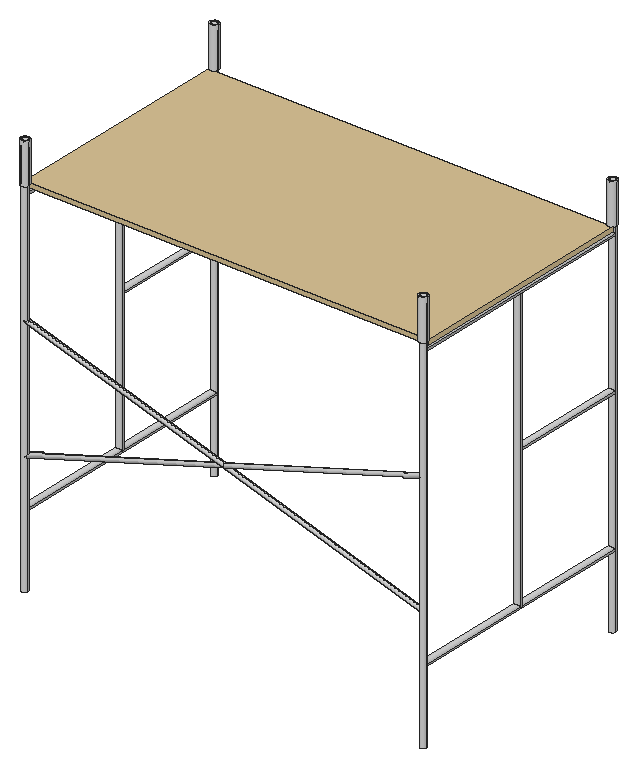
Revit family "M_Andaime", category Terreno, Revit 2019
Family settings
  Cota do conector redondo = Utilizar diâmetro
  Tipo de parte = Normal
  ID de item do Seek = Scaffolding-0000-CAN-ENU
  Com base no plano de trabalho = Não
  Sempre na vertical = Sim
  Corte com vazios quando carregada = Não
  Compartilhado = Não
Parameters (values of type "2500 x 2250 x 2500mm")
  Altura = 2500 mm
  Comprimento = 2500 mm
  Altura da plataforma = 2250 mm
  Largura = 1500 mm
Reference planes
  plane 1 "Centro (Frente/Trás)": y = 0
  plane 2: z = 0
  plane 3 "Centro (Esquerda/Direita)": x = 0
  plane 4: x = -1250
  plane 5: x = 1250
  plane 6: y = 750
  plane 7: y = -750
  plane 8: y = 730.95
  plane 9 "Exterior": y = -730.95
  plane 10: x = -1230.95
  plane 11: x = 1230.95
  plane 12: z = 2500
  plane 13: z = 2250
  plane 14: z = 457.2
  plane 15: z = 2205.55
  plane 16: z = 1331.375
  plane 17: z = 2224.6
  plane 18: y = 711.9
  plane 19: y = -711.9
  plane 20: z = 1500
  plane 21: z = 750
Forms (mm)
  Extrusion 1, solid, material "Aço"
    sketch origin (0, 0, 0) x (1, 0, 0) y (0, 1, 0)
      loop
        circle (-1230.95, -730.95) r 19.05
      loop
        circle (-1230.95, 730.95) r 19.05
    from 0 to 2500
  Extrusion 2, solid, material "Aço"
    sketch origin (0, 0, 0) x (1, 0, 0) y (0, 0, 1)
      loop
        circle (-1230.95, 2205.55) r 19.05
      loop
        circle (-1230.95, 457.2) r 19.05
    from -730.95 to 730.95
  Extrusion 3, solid, material "Aço"
    sketch origin (0, 0, 0) x (1, 0, 0) y (0, 1, 0)
      loop
        circle (-1230.95, 0) r 19.05
    from 457.2 to 2205.55
  Extrusion 4, solid, material "Aço"
    sketch origin (0, 0, 0) x (1, 0, 0) y (0, 0, 1)
      loop
        circle (-1230.95, 1331.375) r 19.05
    from -730.95 to 0
  Extrusion 5, solid, material "Aço"
    sketch origin (0, 0, 0) x (1, 0, 0) y (0, 1, 0)
      loop
        circle (1230.95, -730.95) r 19.05
      loop
        circle (1230.95, 730.95) r 19.05
    from 0 to 2500
  Extrusion 6, solid, material "Aço"
    sketch origin (0, 0, 0) x (1, 0, 0) y (0, 0, 1)
      loop
        circle (1230.95, 2205.55) r 19.05
      loop
        circle (1230.95, 457.2) r 19.05
    from -730.95 to 730.95
  Extrusion 7, solid, material "Aço"
    sketch origin (0, 0, 0) x (1, 0, 0) y (0, 0, 1)
      loop
        circle (1230.95, 1331.375) r 19.05
    from -730.95 to 0
  Extrusion 8, solid, material "Aço"
    sketch origin (0, 0, 0) x (1, 0, 0) y (0, 1, 0)
      loop
        circle (1230.95, 0) r 19.05
    from 457.2 to 2205.55
  Extrusion 9, solid, material "Compensado, Revestimento"
    sketch origin (0, 0, 0) x (1, 0, 0) y (0, 1, 0)
      loop
        line (-1250, 711.9) -> (-1250, -711.9) -> (1250, -711.9) -> (1250, 711.9) -> (-1250, 711.9)
    from 2224.6 to 2250
  Sweep 10, solid, material "Aço"
    path in 3D
      loop
        line (-1230.95, -730.95, 1500) -> (1230.95, -730.95, 750)
    profile origin (-313.617, -730.95, 95.541) x (-0.29142, 0, -0.956595) y (0, 1, 0)
      loop
        circle (-1076.17, 0) r 12.7
  Sweep 11, solid, material "Aço"
    path in 3D
      loop
        line (-1230.95, -730.95, 750) -> (1230.95, -730.95, 1500)
    profile origin (313.617, -730.95, 95.541) x (0.29142, 0, -0.956595) y (0, 1, 0)
      loop
        circle (-1076.17, 0) r 12.7
  Extrusion 12, solid, material "Aço"
    sketch origin (0, 0, 0) x (1, 0, 0) y (0, 1, 0)
      loop
        circle (1230.95, -730.95) r 25.4
      loop
        circle (1230.95, -730.95) r 19.05
      loop
        circle (1230.95, 730.95) r 19.05
      loop
        circle (1230.95, 730.95) r 25.4
      loop
        circle (-1230.95, 730.95) r 19.05
      loop
        circle (-1230.95, 730.95) r 25.4
      loop
        circle (-1230.95, -730.95) r 19.05
      loop
        circle (-1230.95, -730.95) r 25.4
    from 2250 to 2500
Lines and regions (mm)
  symbolic lines, style "Logística"
    curve 1: line (-1250, 711.9, 0) -> (1250, 711.9, 0)
    curve 2: line (-1250, -711.9, 0) -> (-1250, 711.9, 0)
    curve 3: line (1250, -711.9, 0) -> (-1250, -711.9, 0)
    curve 4: line (1250, 711.9, 0) -> (1250, -711.9, 0)
  model lines, style "Logística"
    curve 5: line (-1230.95, -730.95, 1500) -> (1230.95, -730.95, 750)
    curve 6: line (-1230.95, -730.95, 750) -> (1230.95, -730.95, 1500)
  sketch lines
    curve 7: line (-1230.95, -730.95, 1500) -> (1230.95, -730.95, 750)
    curve 8: line (-1230.95, -730.95, 750) -> (1230.95, -730.95, 1500)
Dimensions and locks
  "Comprimento": plane 4 to plane 5
  equal spacing: plane 4, plane 3 "Centro (Esquerda/Direita)", plane 5
  equal spacing: plane 7, plane 1 "Centro (Frente/Trás)", plane 6
  "Largura": plane 7 to plane 6
  plane 4 to plane 10 = 19.05 mm
  plane 11 to plane 5 = 19.05 mm
  plane 6 to plane 8 = 19.05 mm
  plane 9 "Exterior" to plane 7 = 19.05 mm
  "Altura": plane 12 to plane 2
  "Altura da plataforma": plane 13 to plane 2
  plane 14 to plane 2 = 457.2 mm
  locked: plane 13 to plane 15 at 44.45
  equal spacing: plane 15, plane 16, plane 14
  plane 13 to plane 17 = 25.4 mm
  locked: plane 18 to plane 6 at 38.1
  locked: plane 7 to plane 19 at 38.1
  equal spacing: plane 13, plane 20, plane 21, plane 2
  locked: plane 9 "Exterior" to Sweep 11 sketch curve
  locked: plane 9 "Exterior" to Sweep 10 sketch curve
  radius of Sweep 11 sketch curve = 12.7 mm
  radius of Sweep 10 sketch curve = 12.7 mm
  aligned and locked: Extrusion 1 to plane 12
  aligned and locked: plane 8 to Extrusion 2
  aligned and locked: Extrusion 2 to plane 9 "Exterior"
  aligned and locked: Extrusion 3 to plane 15
  aligned and locked: plane 14 to Extrusion 3
  aligned and locked: plane 8 to Extrusion 4
  aligned and locked: plane 1 "Centro (Frente/Trás)" to Extrusion 4
  aligned and locked: Extrusion 5 to Extrusion 1
  aligned and locked: Extrusion 8 to plane 15
  aligned and locked: plane 14 to Extrusion 8
  aligned and locked: plane 8 to Extrusion 6
  aligned and locked: Extrusion 6 to plane 9 "Exterior"
  aligned and locked: plane 8 to Extrusion 7
  aligned and locked: plane 1 "Centro (Frente/Trás)" to Extrusion 7
  aligned and locked: plane 4 to curve 1
  aligned and locked: plane 18 to curve 1
  aligned and locked: plane 19 to curve 4
  aligned and locked: plane 5 to curve 4
  aligned and locked: curve 2 to Extrusion 9 sketch curve
  aligned and locked: Extrusion 9 sketch curve to curve 1
  aligned and locked: Extrusion 9 sketch curve to curve 3
  aligned and locked: Extrusion 9 sketch curve to curve 4
  aligned and locked: Extrusion 9 to plane 13
  aligned and locked: plane 17 to Extrusion 9
  aligned and locked: plane 10 to curve 5
  aligned and locked: plane 11 to curve 5
  aligned and locked: plane 10 to curve 6
  aligned and locked: plane 11 to curve 6
  aligned and locked: Extrusion 12 to Extrusion 1
  aligned and locked: plane 13 to Extrusion 12
Automatic sketch dimensions
  Extrusion 1 sketch curve to plane 8 = 0 mm
  Extrusion 1 sketch curve to plane 4 = 0 mm
  Extrusion 1 sketch curve to plane 9 "Exterior" = 0 mm
  Extrusion 1 sketch curve to plane 10 = 0 mm  (x2)
  plane 4 to Extrusion 1 sketch curve = 0 mm
  Extrusion 2 sketch curve to plane 14 = 0 mm
  Extrusion 2 sketch curve to plane 4 = 0 mm
  Extrusion 2 sketch curve to plane 10 = 0 mm  (x2)
  Extrusion 2 sketch curve to plane 15 = 0 mm
  plane 4 to Extrusion 2 sketch curve = 0 mm
  Extrusion 3 sketch curve to plane 1 "Centro (Frente/Trás)" = 0 mm
  Extrusion 3 sketch curve to plane 10 = 0 mm
  plane 4 to Extrusion 3 sketch curve = 0 mm
  Extrusion 4 sketch curve to plane 4 = 0 mm
  Extrusion 4 sketch curve to plane 10 = 0 mm
  Extrusion 4 sketch curve to plane 16 = 0 mm
  Extrusion 5 sketch curve to plane 9 "Exterior" = 0 mm
  Extrusion 5 sketch curve to plane 8 = 0 mm
  Extrusion 5 sketch curve to plane 11 = 0 mm  (x2)
  Extrusion 5 sketch curve to plane 5 = 0 mm
  plane 11 to Extrusion 5 sketch curve = 19.05 mm
  Extrusion 6 sketch curve to plane 14 = 0 mm
  Extrusion 6 sketch curve to plane 15 = 0 mm
  Extrusion 6 sketch curve to plane 11 = 0 mm  (x2)
  Extrusion 6 sketch curve to plane 5 = 0 mm
  plane 11 to Extrusion 6 sketch curve = 19.05 mm
  Extrusion 7 sketch curve to plane 16 = 0 mm
  Extrusion 7 sketch curve to plane 11 = 0 mm
  plane 11 to Extrusion 7 sketch curve = 19.05 mm
  Extrusion 8 sketch curve to plane 1 "Centro (Frente/Trás)" = 0 mm
  Extrusion 8 sketch curve to plane 11 = 0 mm
  Extrusion 8 sketch curve to plane 5 = 0 mm
  curve 6 to plane 21 = 0 mm
  curve 5 to plane 20 = 0 mm
  curve 6 to plane 20 = 0 mm
  curve 5 to plane 21 = 0 mm
  Extrusion 12 sketch curve to plane 9 "Exterior" = 0 mm  (x4)
  Extrusion 12 sketch curve to plane 8 = 0 mm  (x4)
  Extrusion 12 sketch curve to plane 4 = 0 mm  (x2)
  Extrusion 12 sketch curve to plane 10 = 0 mm  (x4)
  Extrusion 12 sketch curve to plane 11 = 0 mm  (x4)
  Extrusion 12 sketch curve to plane 5 = 0 mm  (x2)
  plane 4 to Extrusion 12 sketch curve = 6.35 mm  (x2)
  Extrusion 12 sketch curve to Extrusion 12 sketch curve = 6.35 mm  (x2)
  Sweep 11 sketch curve to profile plane = 0 mm
  Sweep 10 sketch curve to profile plane = 0 mm
Types in the file's own list only (8): name | Comprimento | Largura
  1500 x 750 x 2500 | 1500 mm | 750 mm
  1500 x 1500 x 2500 | 1500 mm | 1500 mm
  2100 x 750 x 2500 | 2100 mm | 750 mm
  2100 x 1500 x 2500 | 2100 mm | 1500 mm
  2500 x 750 x 2500 | 2500 mm | 750 mm
  2500 x 1500 x 2500 | 2500 mm | 1500 mm
  3000 x 750 x 2500 | 3000 mm | 750 mm
  3000 x 1500 x 2500 | 3000 mm | 1500 mm
